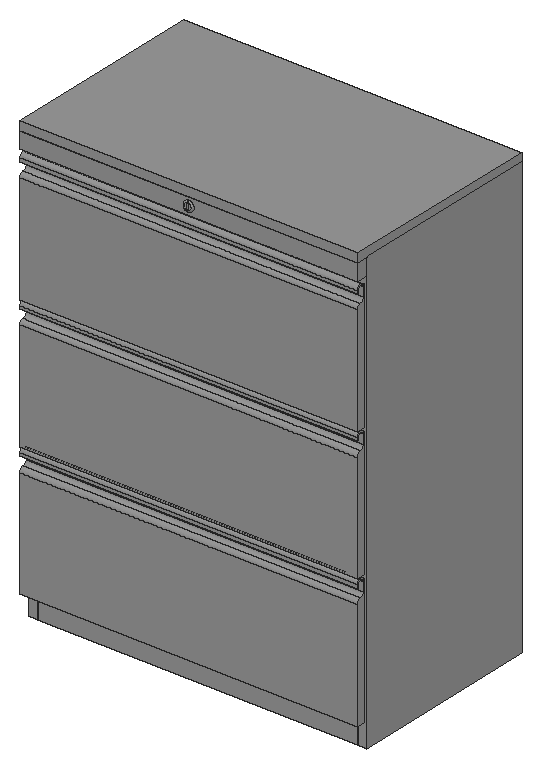
Revit family "ST.FO.LF.3DR.301840 Folio Lateral File Cabinet", category Generic Models, Revit 2018
Family settings
  Can host rebar = No
  Round Connector Dimension = Use Diameter
  Part Type = Normal
  Work Plane-Based = No
  Always vertical = Yes
  Cut with Voids When Loaded = No
  Shared = No
  Room Calculation Point = No
Parameters
  Surface = ST.FO.LF.4DR.301840 Folio Lateral File Surface
Reference planes (in)
  plane 1 "Center (Front/Back)": y = 0
  plane 2: z = 0
  plane 3 "Center (Left/Right)": x = 0
Forms (in)
  Extrusion 1, solid, material "ST.FO.LF.4DR.301840 Folio Lateral File Surface" <- "Surface"
    sketch origin (0, 0, -11.739) x (0, 1, 0) y (0, 0, 1)
      loop
        line (-9.1055, 48.88462) -> (-9.1055, 48.62738) -> (-9.0696, 48.62738) -> (-9.0696, 48.88462)
        arc (-9.0696, 48.88462) -> (-8.74025, 49.21398) -> (-8.4109, 48.88462) r 0.32935
        line (-8.4109, 48.88462) -> (-8.4109, 48.05488)
        arc (-8.4109, 48.05488) -> (-8.51505, 47.80343) -> (-8.7665, 47.69927) r 0.3556
        arc (-8.7665, 47.69927) -> (-9.02, 47.59427) -> (-9.125, 47.34078) r 0.3585
        line (-9.125, 47.34078) -> (-9.125, 37.636) -> (-8.375, 37.636) -> (-8.375, 48.88462)
        arc (-8.375, 48.88462) -> (-8.74025, 49.24988) -> (-9.1055, 48.88462) r 0.36525
    from -15 to 15
  Extrusion 2, solid, material "ST.FO.LF.4DR.301840 Folio Lateral File Surface" <- "Surface"
    sketch origin (0, 0, -23.477) x (0, 1, 0) y (0, 0, 1)
      loop
        line (-9.1055, 48.88462) -> (-9.1055, 48.62738) -> (-9.0696, 48.62738) -> (-9.0696, 48.88462)
        arc (-9.0696, 48.88462) -> (-8.74025, 49.21398) -> (-8.4109, 48.88462) r 0.32935
        line (-8.4109, 48.88462) -> (-8.4109, 48.05488)
        arc (-8.4109, 48.05488) -> (-8.51505, 47.80343) -> (-8.7665, 47.69927) r 0.3556
        arc (-8.7665, 47.69927) -> (-9.02, 47.59427) -> (-9.125, 47.34078) r 0.3585
        line (-9.125, 47.34078) -> (-9.125, 37.636) -> (-8.375, 37.636) -> (-8.375, 48.88462)
        arc (-8.375, 48.88462) -> (-8.74025, 49.24988) -> (-9.1055, 48.88462) r 0.36525
    from -15 to 15
  Extrusion 3, solid, material "ST.FO.LF.4DR.301840 Folio Lateral File Surface" <- "Surface"
    sketch origin (0, -11.875, -23.477) x (1, 0, 0) y (0, 0, 1)
      loop
        line (-13.75, 47.476) -> (-13.75, 38.476) -> (13.75, 38.476) -> (13.75, 47.476) -> (-13.75, 47.476)
    from -3.625 to -3.5
  Extrusion 4, solid, material "ST.FO.LF.4DR.301840 Folio Lateral File Surface" <- "Surface"
    sketch origin (0, 0, -35.216) x (0, 1, 0) y (0, 0, 1)
      loop
        line (-9.1055, 48.88462) -> (-9.1055, 48.62738) -> (-9.0696, 48.62738) -> (-9.0696, 48.88462)
        arc (-9.0696, 48.88462) -> (-8.74025, 49.21398) -> (-8.4109, 48.88462) r 0.32935
        line (-8.4109, 48.88462) -> (-8.4109, 48.05488)
        arc (-8.4109, 48.05488) -> (-8.51505, 47.80343) -> (-8.7665, 47.69927) r 0.3556
        arc (-8.7665, 47.69927) -> (-9.02, 47.59427) -> (-9.125, 47.34078) r 0.3585
        line (-9.125, 47.34078) -> (-9.125, 37.636) -> (-8.375, 37.636) -> (-8.375, 48.88462)
        arc (-8.375, 48.88462) -> (-8.74025, 49.24988) -> (-9.1055, 48.88462) r 0.36525
    from -15 to 15
  Extrusion 5, solid, material "ST.FO.LF.4DR.301840 Folio Lateral File Surface" <- "Surface"
    sketch origin (0, 0, 0) x (0, 1, 0) y (0, 0, 1)
      loop
        line (8.375, 2.75) -> (-8.125, 2.75) -> (-8.125, 0.25) -> (-7.375, 0.25) -> (-7.375, 2) -> (8.375, 2) -> (8.375, 2.75)
    from -14.25 to 14.25
  Extrusion 6, solid, material "ST.FO.LF.4DR.301840 Folio Lateral File Surface" <- "Surface"
    sketch origin (0, 0, 0) x (0, 1, 0) y (0, 0, -1)
      loop
        line (-8.125, -0.25) -> (-8.125, -39.375) -> (9.125, -39.375) -> (9.125, -0.25) -> (-8.125, -0.25)
    from 14.25 to 15
  Extrusion 7, solid, material "ST.FO.LF.4DR.301840 Folio Lateral File Surface" <- "Surface"
    sketch origin (0, 0, 0) x (0, 1, 0) y (0, 0, 1)
      loop
        line (8.375, 39.375) -> (8.375, 0.25) -> (9.125, 0.25) -> (9.125, 39.375) -> (8.375, 39.375)
    from -14.25 to 14.25
  Extrusion 8, solid, material "ST.FO.LF.4DR.301840 Folio Lateral File Surface" <- "Surface"
    sketch origin (0, 0, -11.5) x (0, 1, 0) y (0, 0, 1)
      loop
        line (9.125, 51.625) -> (-9.125, 51.625) -> (-9.125, 50.875) -> (9.125, 50.875) -> (9.125, 51.625)
    from -15 to 15
  Extrusion 9, solid, material "ST.FO.LF.4DR.301840 Folio Lateral File Surface" <- "Surface"
    sketch origin (0, 0, -11.5) x (0, 1, 0) y (0, 0, 1)
      loop
        line (-8.125, 50.875) -> (-9.125, 50.875) -> (-9.125, 49.375) -> (-8.125, 49.375) -> (-8.125, 50.875)
    from -15 to 15
  Revolve 10, solid, material "Folio Glides"
    sketch origin (0, 0, -11.5) x (0, 1, 0) y (0, 0, 1)
      loop
        arc (-9.125, 50.56261) -> (-9.20156, 50.53665) -> (-9.24581, 50.469) r 0.12389
        line (-9.24581, 50.469) -> (-9.24581, 50.125) -> (-9.125, 50.125) -> (-9.125, 50.56261)
      axis (-9.24581, 50.125) -> (-9.125, 50.125)
    angle from 0 to 360
  Extrusion 11, void
    sketch origin (0, 0, -11.5) x (1, 0, 0) y (0, 0, 1)
      loop
        line (-0.0625, 50.408) -> (-0.0625, 49.842) -> (0.0625, 49.842) -> (0.0625, 50.408) -> (-0.0625, 50.408)
    from 9.125 to 9.40721
  Revolve 12, solid, material "Folio Glides"
    sketch origin (0, -6.6869, 0) x (1, 0, 0) y (0, 0, 1)
      loop
        line (-13.56312, 1.18177) -> (-13.56312, 0) -> (-13.2343, 0)
        arc (-13.2343, 0) -> (-13.21728, 0.0077) -> (-13.21586, 0.02633) r 0.01832
        line (-13.21586, 0.02633) -> (-13.37703, 0.1875) -> (-13.43902, 0.1875) -> (-13.43902, 1.18177) -> (-13.56312, 1.18177)
      axis (-13.56312, 1.18177) -> (-13.56312, 0)
    angle from 0 to 360
  Extrusion 13, solid, material "Folio Glides"
    sketch origin (0, 0, 0) x (1, 0, 0) y (0, 1, 0)
      loop
        line (-12.1875, -7.375) -> (-14.25, -5.3125) -> (-14.25, -7.375) -> (-12.1875, -7.375)
    from 0.25 to 0.3125
  Revolve 14, solid, material "Folio Glides"
    sketch origin (0, 7.6869, 0) x (1, 0, 0) y (0, 0, -1)
      loop
        line (-13.56312, -1.18177) -> (-13.43902, -1.18177) -> (-13.43902, -0.1875) -> (-13.37703, -0.1875) -> (-13.21586, -0.02633)
        arc (-13.21586, -0.02633) -> (-13.21728, -0.0077) -> (-13.2343, 0) r 0.01832
        line (-13.2343, 0) -> (-13.56312, 0) -> (-13.56312, -1.18177)
      axis (-13.56312, -1.18177) -> (-13.56312, 0)
    angle from 0 to 360
  Extrusion 15, solid, material "Folio Glides"
    sketch origin (0, 1, 0) x (1, 0, 0) y (0, 1, 0)
      loop
        line (-12.1875, 7.375) -> (-14.25, 7.375) -> (-14.25, 5.3125) -> (-12.1875, 7.375)
    from 0.25 to 0.3125
  Extrusion 16, solid, material "ST.FO.LF.4DR.301840 Folio Lateral File Surface" <- "Surface"
    sketch origin (0, 0, 0) x (0, 1, 0) y (0, 0, 1)
      loop
        line (-8.125, 0.25) -> (9.125, 0.25) -> (9.125, 39.375) -> (-8.125, 39.375) -> (-8.125, 0.25)
    from 14.25 to 15
  Revolve 17, solid, material "Folio Glides"
    sketch origin (0, -6.6869, 0) x (-1, 0, 0) y (0, 0, -1)
      loop
        line (-13.56312, -1.18177) -> (-13.43902, -1.18177) -> (-13.43902, -0.1875) -> (-13.37703, -0.1875) -> (-13.21586, -0.02633)
        arc (-13.21586, -0.02633) -> (-13.21728, -0.0077) -> (-13.2343, 0) r 0.01832
        line (-13.2343, 0) -> (-13.56312, 0) -> (-13.56312, -1.18177)
      axis (-13.56312, -1.18177) -> (-13.56312, 0)
    angle from 0 to 360
  Extrusion 18, solid, material "Folio Glides"
    sketch origin (0, 0, 0) x (-1, 0, 0) y (0, -1, 0)
      loop
        line (-12.1875, 7.375) -> (-14.25, 7.375) -> (-14.25, 5.3125) -> (-12.1875, 7.375)
    from 0.25 to 0.3125
  Revolve 19, solid, material "Folio Glides"
    sketch origin (0, 7.6869, 0) x (-1, 0, 0) y (0, 0, 1)
      loop
        line (-13.56312, 1.18177) -> (-13.56312, 0) -> (-13.2343, 0)
        arc (-13.2343, 0) -> (-13.21728, 0.0077) -> (-13.21586, 0.02633) r 0.01832
        line (-13.21586, 0.02633) -> (-13.37703, 0.1875) -> (-13.43902, 0.1875) -> (-13.43902, 1.18177) -> (-13.56312, 1.18177)
      axis (-13.56312, 1.18177) -> (-13.56312, 0)
    angle from 0 to 360
  Extrusion 20, solid, material "Folio Glides"
    sketch origin (0, 1, 0) x (-1, 0, 0) y (0, -1, 0)
      loop
        line (-12.1875, -7.375) -> (-14.25, -5.3125) -> (-14.25, -7.375) -> (-12.1875, -7.375)
    from 0.25 to 0.3125
  Extrusion 21, solid, material "ST.FO.LF.4DR.301840 Folio Lateral File Surface" <- "Surface"
    sketch origin (0, 0, -23.477) x (1, 0, 0) y (0, 0, 1)
      loop
        line (-13.625, 47.476) -> (-13.75, 47.476) -> (-13.75, 38.476) -> (-13.625, 38.476) -> (-13.625, 39.101) -> (13.625, 39.101) -> (13.625, 38.476) -> (13.75, 38.476) -> (13.75, 47.476) -> (13.625, 47.476) -> (13.625, 39.226) -> (-13.625, 39.226) -> (-13.625, 47.476)
    from -3.5 to 8.25
  Extrusion 22, solid, material "ST.FO.LF.4DR.301840 Folio Lateral File Surface" <- "Surface"
    sketch origin (0, 0, -23.477) x (1, 0, 0) y (0, 0, 1)
      loop
        line (-13.75, 47.476) -> (-13.75, 38.476) -> (13.75, 38.476) -> (13.75, 47.476) -> (-13.75, 47.476)
    from -3.625 to -3.5
  Extrusion 23, solid, material "ST.FO.LF.4DR.301840 Folio Lateral File Surface" <- "Surface"
    sketch origin (0, -11.875, -23.477) x (1, 0, 0) y (0, 0, 1)
      loop
        line (-13.75, 47.476) -> (-13.75, 38.476) -> (13.75, 38.476) -> (13.75, 47.476) -> (-13.75, 47.476)
    from -3.625 to -3.5
  Extrusion 24, solid, material "ST.FO.LF.4DR.301840 Folio Lateral File Surface" <- "Surface"
    sketch origin (0, -11.875, -35.216) x (1, 0, 0) y (0, 0, 1)
      loop
        line (-13.75, 47.476) -> (-13.75, 38.476) -> (13.75, 38.476) -> (13.75, 47.476) -> (-13.75, 47.476)
    from -3.625 to -3.5
  Extrusion 25, solid, material "ST.FO.LF.4DR.301840 Folio Lateral File Surface" <- "Surface"
    sketch origin (0, 0, -35.216) x (1, 0, 0) y (0, 0, 1)
      loop
        line (-13.625, 47.476) -> (-13.75, 47.476) -> (-13.75, 38.476) -> (-13.625, 38.476) -> (-13.625, 39.101) -> (13.625, 39.101) -> (13.625, 38.476) -> (13.75, 38.476) -> (13.75, 47.476) -> (13.625, 47.476) -> (13.625, 39.226) -> (-13.625, 39.226) -> (-13.625, 47.476)
    from -3.5 to 8.25
  Extrusion 26, solid, material "ST.FO.LF.4DR.301840 Folio Lateral File Surface" <- "Surface"
    sketch origin (0, 0, -35.216) x (1, 0, 0) y (0, 0, 1)
      loop
        line (-13.75, 47.476) -> (-13.75, 38.476) -> (13.75, 38.476) -> (13.75, 47.476) -> (-13.75, 47.476)
    from -3.625 to -3.5
  Extrusion 27, solid, material "ST.FO.LF.4DR.301840 Folio Lateral File Surface" <- "Surface"
    sketch origin (0, -11.875, -35.216) x (1, 0, 0) y (0, 0, 1)
      loop
        line (-13.75, 47.476) -> (-13.75, 38.476) -> (13.75, 38.476) -> (13.75, 47.476) -> (-13.75, 47.476)
    from -3.625 to -3.5
  Extrusion 28, solid, material "ST.FO.LF.4DR.301840 Folio Lateral File Surface" <- "Surface"
    sketch origin (0, -11.875, -11.739) x (1, 0, 0) y (0, 0, 1)
      loop
        line (-13.75, 47.476) -> (-13.75, 38.476) -> (13.75, 38.476) -> (13.75, 47.476) -> (-13.75, 47.476)
    from -3.625 to -3.5
  Extrusion 29, solid, material "ST.FO.LF.4DR.301840 Folio Lateral File Surface" <- "Surface"
    sketch origin (0, 0, -11.739) x (1, 0, 0) y (0, 0, 1)
      loop
        line (-13.625, 47.476) -> (-13.75, 47.476) -> (-13.75, 38.476) -> (-13.625, 38.476) -> (-13.625, 39.101) -> (13.625, 39.101) -> (13.625, 38.476) -> (13.75, 38.476) -> (13.75, 47.476) -> (13.625, 47.476) -> (13.625, 39.226) -> (-13.625, 39.226) -> (-13.625, 47.476)
    from -3.5 to 8.25
  Extrusion 30, solid, material "ST.FO.LF.4DR.301840 Folio Lateral File Surface" <- "Surface"
    sketch origin (0, 0, -11.739) x (1, 0, 0) y (0, 0, 1)
      loop
        line (-13.75, 47.476) -> (-13.75, 38.476) -> (13.75, 38.476) -> (13.75, 47.476) -> (-13.75, 47.476)
    from -3.625 to -3.5
  Extrusion 31, solid, material "ST.FO.LF.4DR.301840 Folio Lateral File Surface" <- "Surface"
    sketch origin (0, -11.875, -11.739) x (1, 0, 0) y (0, 0, 1)
      loop
        line (-13.75, 47.476) -> (-13.75, 38.476) -> (13.75, 38.476) -> (13.75, 47.476) -> (-13.75, 47.476)
    from -3.625 to -3.5
Cuts and joins
  Extrusion 11 cuts Extrusion 9
  Extrusion 11 cuts Revolve 10
Dimensions and locks (in)
  aligned and locked: plane 2 to level
